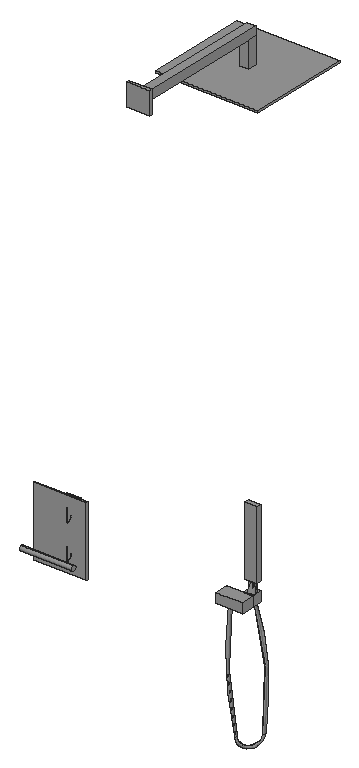
Revit family "PGR_Noken_ShwrFitngsPckge_Square", category Plumbing Fixtures, host Wall, Revit 2017
Family settings
  Host = Wall
  Round Connector Dimension = Use Diameter
  Part Type = Normal
  OmniClass Number = 23.45.05.14.17
  OmniClass Title = Showers
  Always vertical = Yes
  Cut with Voids When Loaded = No
  Shared = Yes
  Room Calculation Point = No
Parameters (values of type "Square-100106968")
  WarrantyStartDate [instance] = "1900-31-12T23:59:59"
  WarrantyGuarantorParts = "bim.gp@porcelanosagrupo.com"
  WarrantyGuarantorLabor = "n/a"
  WarrantyDurationUnit = "year"
  WarrantyDurationParts = "n/a"
  WarrantyDurationLabor = "n/a"
  WarrantyDescription = "See ProductInformation for technical PDF"
  Version = "1"
  ValveType = "Thermostatic"
  ValveProductinformation = "http://calidad.info-grupo.com:8081/GeneraFicha3/PDF?articulo=100063403&lang=EN&un=0"
  ValveOutletConnectionSize = "1/2\" G"
  ValveNumberOfConnections = 4
  ValveNominalWidth = 150.00 mm
  ValveNominalLength = 200.00 mm
  ValveNominalDepth = "62-75"
  ValveNettWeight = 4.3
  ValveInletConnectionSize = "3/4\" G"
  ValveFlowRate = "Flow rate bath 26 l/min. at 3 bar and flow rate shower 13 l/min.at 3 bar"
  ValveDescription = "Concealed thermostatic 2 ways 1/2\"-3/4\" with wax thermostatic element. Diverter valve with integrated shut off 1/2\". Built in non-return valve. Safety stop at 38ºC. Flow rate bath 26 l/min. at 3 bar and flow rate shower 13 l/min.at 3 bar. 5 years warranty for superficial finishes and 2 years for the rest of components."
  Uniclass2015Version = "V1_8"
  Uniclass2015Title = "Shower fittings package"
  Uniclass2015Code = "Pr_40_20_87_75"
  URL = "www.noken.com"
  TechnicalDrawing = "See ProductInformation for technical PDF"
  TagNumber [instance] = "n/a"
  SustainabilityPerformance = "See ProductInformation for technical PDF"
  Status = "UNSET"
  Size = "n/a"
  ShowerType = "UNSET"
  ShowerHeadProductInformation = "http://calidad.info-grupo.com:8081/GeneraFicha3/PDF?articulo=100090329&lang=EN&un=0"
  ShowerHeadNumberOfConnections = 1
  ShowerHeadNominalLength = 295.00 mm
  ShowerHeadNettWeight = 2.5
  ShowerHeadInletConnectionSize = "1/2\" G"
  ShowerHeadFlowRate = "Without flow regulator"
  ShowerHeadDescription = "Neptune slim - Square 30 cm rain shower head, with ball jointr. Material brass, finish chrome plated, dimension 295x295 mm, nominal height 56 mm, net product weight 2,5 kg. Normative EN 1112"
  ShowerArmProductInformation = "http://calidad.info-grupo.com:8081/GeneraFicha3/PDF?articulo=100090332&lang=EN&un=0"
  ShowerArmOutletConnectionSize = "1/2\" G"
  ShowerArmNumberOfConnections = 2
  ShowerArmNominalLength = 400.00 mm
  ShowerArmNominalHeight = 65.00 mm
  ShowerArmNettWeight = 0.5
  ShowerArmInletConnectionSize = "1/2\" G"
  ShowerArmDescription = "Square 40 cm shower head arm, wall connection. Material brass, finish chrome plated, dimension 400 mm, nominal height 65 mm, net product weight 0,5 kg. Normative EN 1112"
  Shape = "n/a"
  SerialNumber [instance] = "n/a"
  SeparationHandShower [instance] = 300.00 mm
  SeparationControl [instance] = 300.00 mm
  SAPValve = 100063404
  SAPShowerHead = 100090329
  SAPShowerArm = 100090332
  SAPHandShower = 100038634
  SAPFlexihose = 100137893
  SAPBracket = 100038631
  Revision = "n/a"
  ReplacementCost = "n/a"
  Reference = "-"
  ProductInformation = "See any constituent's ProductInformation parameter for its own technical PDF"
  NominalWidth = 0.00 mm
  NominalLength = 0.00 mm
  NominalHeight = 0.00 mm
  NominalDepth = 0.00 mm
  Name = "ShowerFittingsPackage_Square_Chrome-100106968"
  MaterialMetal = PGR_Noken_Brass_Chrome
  HeightShower [instance] = 2100.00 mm
  HeightHandShower [instance] = 1000.00 mm
  HeightControl [instance] = 1100.00 mm
  DrainSize = 0 mm
  DiameterSA = 12.70 mm
  DiameterHW = DiameterCW  # 12.7 mm
  DiameterHS = 12.70 mm
  DiameterCW = 12.7 mm
  ConnectorGap2 [instance] = if(ConnectorGap < 44.00 mm, 44.00 mm, if(ConnectorGap > 57.00 mm, 57.00 mm, ConnectorGap))  # 44.00 mm
  ConnectorGap [instance] = 0.00 mm
  NBSReference = "45-35-70/330"
  NBSDescription = "Shower fittings package"
  ModelReference = "Square shower package"
  ModelNumber = "100106968"
  Model = "100106968"
  MaterialThickness = 0.00 mm
  Material = "Brass"
  ManufacturerURL = "www.noken.com"
  Manufacturer = "bim.gp@porcelanosagrupo.com"
  InstallationDate [instance] = "1900-31-12T23:59:59"
  IfcExportType = "Shower"
  IfcExportAs = "IfcSanitaryTerminalType"
  HasTray = no
  HandShowerProductInformation = "http://calidad.info-grupo.com:8081/GeneraFicha3/PDF?articulo=100038634&lang=EN&un=0"
  HandShowerNominalLength = 207.00 mm
  HandShowerNettWeight = 0.3
  HandShowerInletConnectionSize = "1/2\" G"
  HandShowerFlowRate = "11 l./min.@3 bar"
  HandShowerDescription = "Single function handshower. Material brass, finish chrome plated, dimension 207 mm, net product weight 0,3 kg. Normative UNE EN 1112"
  Grade = "n/a"
  Type Image = 100106968.jpg
  FlexiHoseProductInformation = "http://calidad.info-grupo.com:8081/GeneraFicha3/PDF?articulo=100137893&lang=EN&un=0"
  FlexiHoseOutletConnectionSize = "1/2\" G"
  FlexiHoseNumberOfConnections = 2
  FlexiHoseNominalLength = 1750.00 mm
  FlexiHoseNettWeight = 0.3
  FlexiHoseInletConnectionSize = "1/2\" G"
  FlexiHoseDescription = "175 cm Flexi shower hose twist free. Material brass, finish chrome plated, dimension nominal 175 cm, net product weight 0,3 kg. Normative UNE EN 1113"
  Finish = "Chrome"
  Features = "See ProductInformation for technical PDF"
  ExpectedLife = "n/a"
  DurationUnit = "year"
  Description = "Square shower package"
  CreationDate = "2018/01"
  Constituents = "ShowerArm, ShowerHead, Valve, HandShower, Brackett and Flexihose"
  Color = "Chrome"
  Collection = "Square"
  CodePerformance = "EN 1112, EN 248, EN 1111, EN 1113"
  Category = "Pr_40_20_87_75: Shower fittings package"
  CWFU = 1
  BracketProductInformation = "http://calidad.info-grupo.com:8081/GeneraFicha3/PDF?articulo=100038631&lang=EN&un=0"
  BracketOutletConnectionSize = "1/2\" G"
  BracketNumberOfConnections = 2
  BracketNominalWidth = 59.00 mm
  BracketNominalLength = 101.00 mm
  BracketNominalHeight = 29.00 mm
  BracketNettWeight = 0.6
  BracketInletConnectionSize = "1/2\" G"
  BracketDescription = "Cota Wall bracket with outlet elbow. Material brass, finish chrome plated, dimension nominal 101 mm, nominal height29 mm, nominal width 58 mm, net product weight 0,5 kg. Normative UNE EN 1112"
  BarCode [instance] = "n/a"
  BIMObjectName = "PGR_Noken_ShowerFittingsPackage_Square_Chrome-100106968"
  Author = "Porcelanosa Grupo"
  AssetType = "Fixed"
  AssetIdentifier [instance] = "n/a"
  AccessibilityPerformance = "See ProductInformation for technical PDF"
Reference planes
  plane 1 "Wall": y = 0
  plane 2: z = 0
  plane 3 "Back": y = 75
  plane 4 "Center (Left/Right)": x = 297.71
  plane 5: z = 2100
  plane 6: z = 1000
  plane 7: z = 1100
  plane 8 "Left": x = -2.29
  plane 9 "Right": x = 597.71
  plane 10: y = 31
  plane 11: z = 950
  plane 12: z = 2107
  plane 13: z = 2227
  plane 14 "Top": z = 2207
  plane 15: z = 2182
  plane 16: z = 2162
  plane 17: x = 445.21
  plane 18: x = 150.21
  plane 19: x = 310.21
  plane 20: x = 285.21
  plane 21: x = 265.21
  plane 22: x = 330.21
  plane 23: y = 82
  plane 24: y = 482
  plane 25: y = 457
  plane 26 "Front": y = 616.214
  plane 27: y = 322
  plane 28: x = 147.71
  plane 29 "Bottom": z = 900
  plane 30: x = 52.71
  plane 31: z = 1070
  plane 32: z = 1030
  plane 33: z = 970
  plane 34: z = 930
  plane 35: z = 950
  plane 36: y = 122.631
  plane 37: y = 137.631
  plane 38: y = 142.712
  plane 39: y = 114.847
  plane 40: x = 521.242
  plane 41: x = 569.092
  plane 42: x = 601.158
  plane 43: x = 566.158
  plane 44: x = 521.242
  plane 45: x = 601.158
  plane 46: x = 566.158
  plane 47: z = 1227.484
  plane 48: z = 1029.484
  plane 49: z = 972
  plane 50: z = 972
  plane 51: z = 1029.484
  plane 52: z = 1227.484
Forms (mm)
  Extrusion 1, solid, material "PGR_Noken_Brass_Chrome" <- "MaterialMetal"
    sketch origin (-1647.096, 75, -417.853) x (-1, 0, 0) y (0, 0, 1)
      loop
        line (-1794.805, 1517.853) -> (-1794.805, 1317.853) -> (-1644.805, 1317.853) -> (-1644.805, 1517.853) -> (-1794.805, 1517.853)
    from 0 to 4.847
  Extrusion 2, solid, material "PGR_Noken_Brass_Chrome" <- "MaterialMetal"
    sketch origin (-1654.331, 75, -417.853) x (-1, 0, 0) y (0, 0, 1)
      loop
        circle (-1727.419, 1467.632) r 30
      loop
        circle (-1727.419, 1367.841) r 30
    from 1.486 to 7.496
  Extrusion 3, solid, material "PGR_Noken_Brass_Chrome" <- "MaterialMetal"
    sketch origin (-1654.331, 75, -417.853) x (-1, 0, 0) y (0, 0, 1)
      loop
        circle (-1726.927, 1467.853) r 23.657
      loop
        circle (-1726.927, 1367.448) r 23.657
    from 4.429 to 10.496
  Extrusion 4, solid, material "PGR_Noken_Brass_Chrome" <- "MaterialMetal"
    sketch origin (-1654.331, 75, -417.853) x (-1, 0, 0) y (0, 0, 1)
      loop
        line (-1707.041, 1487.853) -> (-1747.041, 1487.853) -> (-1747.041, 1447.853) -> (-1707.041, 1447.853) -> (-1707.041, 1487.853)
      loop
        line (-1747.041, 1387.853) -> (-1747.041, 1347.853) -> (-1707.041, 1347.853) -> (-1707.041, 1387.853) -> (-1747.041, 1387.853)
    from 11.258 to 51.258
  Extrusion 5, solid, material "PGR_Noken_Brass_Chrome" <- "MaterialMetal"
    sketch origin (92.71, 75, 970) x (-1, 0, 0) y (0, -1, 0)
      loop
        circle (20.285, -41.4) r 4.251
    from -1.512 to 7.488
  Extrusion 6, solid, material "PGR_Noken_Brass_Chrome" <- "MaterialMetal"
    sketch origin (-1654.331, 75, -417.853) x (-1, 0, 0) y (0, 0, 1)
      loop
        line (-1707.041, 1487.853) -> (-1747.041, 1487.853) -> (-1747.041, 1447.853) -> (-1707.041, 1447.853) -> (-1707.041, 1487.853)
      loop
        line (-1747.041, 1387.853) -> (-1747.041, 1347.853) -> (-1707.041, 1347.853) -> (-1707.041, 1387.853) -> (-1747.041, 1387.853)
    from 1.486 to 51.258
  Extrusion 7, solid, material "PGR_Noken_Brass_Chrome" <- "MaterialMetal"
    sketch origin (559.742, 98.547, 1296.326) x (-1, 0, 0) y (0, -1, 0)
      loop
        line (-37.968, 23.547) -> (-37.968, -16.3) -> (38.5, -16.3) -> (38.5, 23.547) -> (-37.968, 23.547)
    from -324.326 to -296.326
  Extrusion 8, solid, material "PGR_Noken_Brass_Chrome" <- "MaterialMetal"
    sketch origin (559.742, 98.547, 1296.326) x (-1, 0, 0) y (0, -1, 0)
      loop
        line (-9.35, -44.632) -> (-9.35, -16.3) -> (-37.968, -16.3) -> (-37.968, -44.632) -> (-31.499, -44.632) -> (-31.499, -40.069)
        arc (-31.499, -40.069) -> (-23.692, -20.468) -> (-15.885, -40.069) r 11.355
        line (-15.885, -40.069) -> (-15.885, -44.632) -> (-9.35, -44.632)
    from -324.326 to -296.326
  Blend 9, solid, material "PGR_Noken_Brass_Chrome" <- "MaterialMetal"
    base sketch origin (557.937, 93.878, 1296.592) x (-1, 0, 0) y (0, -1, 0)
      loop
        circle (-25.652, -35.13) r 10
    top sketch origin (557.937, 93.878, 1296.592) x (-1, 0, 0) y (0, -1, 0)
      loop
        circle (-25.652, -35.13) r 6.16
    from -296.592 to -267.108
  Extrusion 10, solid, material "PGR_Noken_Brass_Chrome" <- "MaterialMetal"
    sketch origin (557.937, 93.878, 1296.592) x (-1, 0, 0) y (0, -1, 0)
      loop
        line (-8.22, -43.753) -> (-8.22, -28.753) -> (-43.22, -28.753) -> (-43.22, -43.753) -> (-8.22, -43.753)
    from -267.108 to -69.108
  Extrusion 11, solid, material "PGR_Noken_Brass_Chrome" <- "MaterialMetal"
    sketch origin (559.742, 98.547, 500) x (-1, 0, 0) y (0, -1, 0)
      loop
        line (-37.968, -16.3) -> (-37.968, -44.632) -> (-9.35, -44.632) -> (-9.35, -16.3) -> (-37.968, -16.3)
    from 472 to 500
  Extrusion 12, solid, material "PGR_Noken_Brass_Chrome" <- "MaterialMetal"
    sketch origin (559.742, 98.547, 1000) x (-1, 0, 0) y (0, -1, 0)
      loop
        line (-28.843, -24.085) -> (-28.843, -39.085) -> (-17.98, -39.085) -> (-17.98, -24.085) -> (-28.843, -24.085)
    from 0 to 29.484
  Extrusion 13, solid, material "PGR_Noken_Brass_Chrome" <- "MaterialMetal"
    sketch origin (559.742, 98.547, 1296.326) x (-1, 0, 0) y (0, -1, 0)
      loop
        line (-37.968, 23.547) -> (-37.968, -16.3) -> (38.5, -16.3) -> (38.5, 23.547) -> (-37.968, 23.547)
    from -324.326 to -296.326
  Extrusion 14, solid, material "PGR_Noken_Brass_Chrome" <- "MaterialMetal"
    sketch origin (557.937, 93.878, 1000) x (0, -1, 0) y (-1, 0, 0)
      loop
        circle (-35.13, -25.652) r 10
    from 0 to 28
  Sweep 15, solid, material "PGR_Noken_Brass_Chrome" <- "MaterialMetal"
    path origin (532.312, 82.005, 1207.09) x (0.642788, 0.766044, 0) y (0, 0, -1)
      loop
        arc (19.944, 234.787) -> (14.225, 407.553) -> (32.456, 579.449) r 1246.786
        arc (32.456, 579.449) -> (64.956, 611.949) -> (97.456, 579.449) r 32.5
        arc (97.456, 579.449) -> (102.728, 406.117) -> (75.943, 234.787) r 936.281
    profile origin (598.344, 160.699, 800.972) x (0.641539, 0.764556, 0.062298) y (-0.766044, 0.642788, 0)
      loop
        circle (0, -0.551) r 2.956
  Extrusion 16, solid, material "PGR_Noken_Brass_Chrome" <- "MaterialMetal"
    sketch origin (-1684.235, 75, -120) x (-1, 0, 0) y (0, 0, 1)
      loop
        line (-2280.893, 1336.337) -> (-2280.893, 1274.337) -> (-2254.893, 1274.337) -> (-2254.893, 1336.337) -> (-2280.893, 1336.337)
      loop
        line (-2278.583, 1275.867) -> (-2257.203, 1275.867) -> (-2257.203, 1334.807) -> (-2278.583, 1334.807) -> (-2278.583, 1275.867)
    from 62.631 to 64.028
  Extrusion 17, solid, material "PGR_Noken_Brass_Chrome" <- "MaterialMetal"
    sketch origin (-2.29, 0, 10) x (0, 0, -1) y (0, 1, 0)
      loop
        circle (-940, 31) r 6.35
    from 0 to 150
  Extrusion 18, solid, material "PGR_Noken_Brass_Chrome" <- "MaterialMetal"
    sketch origin (0, 50, 0) x (1, 0, 0) y (0, 0, 1)
      loop
        line (330.21, 2227) -> (265.21, 2227) -> (265.21, 2162) -> (330.21, 2162) -> (330.21, 2227)
    from -25 to -32
  Extrusion 19, solid, material "PGR_Noken_Brass_Chrome" <- "MaterialMetal"
    sketch origin (0, 0, 0) x (0, 1, 0) y (1, 0, 0)
      loop
        line (482, 285.21) -> (482, 310.21) -> (82, 310.21) -> (82, 285.21) -> (482, 285.21)
    from -2207 to -2182
  Extrusion 20, solid, material "PGR_Noken_Brass_Chrome" <- "MaterialMetal"
    sketch origin (0, 0, 0) x (0, 1, 0) y (1, 0, 0)
      loop
        line (482, 285.21) -> (482, 310.21) -> (457, 310.21) -> (457, 285.21) -> (482, 285.21)
    from -2182 to -2107
  Extrusion 21, solid, material "PGR_Noken_Brass_Chrome" <- "MaterialMetal"
    sketch origin (0, 0, 0) x (0, 1, 0) y (1, 0, 0)
      loop
        line (616.214, 150.21) -> (616.214, 445.21) -> (322, 445.21) -> (322, 150.21) -> (616.214, 150.21)
    from -2107 to -2100
  Sweep 22, solid, material "PGR_Noken_Brass_Chrome" <- "MaterialMetal", not visible
    path origin (532.312, 82.005, 1207.09) x (0.642788, 0.766044, 0) y (0, 0, -1)
      loop
        arc (19.944, 234.787) -> (14.225, 407.553) -> (32.456, 579.449) r 1246.786
        arc (32.456, 579.449) -> (64.956, 611.949) -> (97.456, 579.449) r 32.5
        arc (97.456, 579.449) -> (102.728, 406.117) -> (75.943, 234.787) r 936.281
    profile origin (598.344, 160.699, 800.972) x (0.641539, 0.764556, 0.062298) y (-0.766044, 0.642788, 0)
      loop
        circle (0, -0.551) r 2.956
  Extrusion 23, solid, material "PGR_Noken_Brass_Chrome" <- "MaterialMetal", not visible
    sketch origin (-1647.096, 75, -417.853) x (-1, 0, 0) y (0, 0, 1)
      loop
        line (-1794.805, 1517.853) -> (-1794.805, 1317.853) -> (-1644.805, 1317.853) -> (-1644.805, 1517.853) -> (-1794.805, 1517.853)
    from 0 to 4.847
  Extrusion 24, solid, material "PGR_Noken_Brass_Chrome" <- "MaterialMetal", not visible
    sketch origin (-1654.331, 75, -417.853) x (-1, 0, 0) y (0, 0, 1)
      loop
        circle (-1727.419, 1467.632) r 30
      loop
        circle (-1727.419, 1367.841) r 30
    from 1.486 to 7.496
  Extrusion 25, solid, material "PGR_Noken_Brass_Chrome" <- "MaterialMetal", not visible
    sketch origin (-1654.331, 75, -417.853) x (-1, 0, 0) y (0, 0, 1)
      loop
        circle (-1726.927, 1467.853) r 23.657
      loop
        circle (-1726.927, 1367.448) r 23.657
    from 4.429 to 10.496
  Extrusion 26, solid, material "PGR_Noken_Brass_Chrome" <- "MaterialMetal", not visible
    sketch origin (-1654.331, 75, -417.853) x (-1, 0, 0) y (0, 0, 1)
      loop
        line (-1707.041, 1487.853) -> (-1747.041, 1487.853) -> (-1747.041, 1447.853) -> (-1707.041, 1447.853) -> (-1707.041, 1487.853)
      loop
        line (-1747.041, 1387.853) -> (-1747.041, 1347.853) -> (-1707.041, 1347.853) -> (-1707.041, 1387.853) -> (-1747.041, 1387.853)
    from 11.258 to 51.258
  Extrusion 27, solid, material "PGR_Noken_Brass_Chrome" <- "MaterialMetal", not visible
    sketch origin (92.71, 75, 970) x (-1, 0, 0) y (0, -1, 0)
      loop
        circle (20.285, -41.4) r 4.251
    from -1.512 to 7.488
  Extrusion 28, solid, material "PGR_Noken_Brass_Chrome" <- "MaterialMetal", not visible
    sketch origin (-1654.331, 75, -417.853) x (-1, 0, 0) y (0, 0, 1)
      loop
        line (-1707.041, 1487.853) -> (-1747.041, 1487.853) -> (-1747.041, 1447.853) -> (-1707.041, 1447.853) -> (-1707.041, 1487.853)
      loop
        line (-1747.041, 1387.853) -> (-1747.041, 1347.853) -> (-1707.041, 1347.853) -> (-1707.041, 1387.853) -> (-1747.041, 1387.853)
    from 1.486 to 51.258
  Extrusion 29, solid, material "PGR_Noken_Brass_Chrome" <- "MaterialMetal", not visible
    sketch origin (-2.29, 0, 10) x (0, 0, -1) y (0, 1, 0)
      loop
        circle (-940, 31) r 6.35
    from 0 to 150
Lines and regions (mm)
  Masking region 1
    outline origin (-1647.096, 75, -100) x (-1, 0, 0) y (0, 0, 1)
      loop
        line (-1794.805, 1200) -> (-1794.805, 1000) -> (-1644.805, 1000) -> (-1644.805, 1200) -> (-1794.805, 1200)
  Masking region 2
    outline origin (-1614.545, 50, -200) x (-1, 0, 0) y (0, 0, 1)
      loop
        line (-2212.255, 1172) -> (-2135.787, 1172) -> (-2135.787, 1200) -> (-2188.134, 1200) -> (-2191.974, 1229.484) -> (-2180.703, 1229.484) -> (-2180.703, 1427.484) -> (-2215.703, 1427.484) -> (-2215.703, 1229.484) -> (-2204.295, 1229.484) -> (-2209.335, 1200) -> (-2212.255, 1200) -> (-2212.255, 1172)
  Masking region 3
    outline origin (407.4, 0, -200) x (0, 0, -1) y (0, 1, 0)
      loop
        line (-1200, 122.631) -> (-1200, 75) -> (-1172, 75) -> (-1172, 84.632) -> (-1029.242, 79.647) -> (-827.376, 94.205)
        arc (-827.376, 94.205) -> (-801.22, 120.361) -> (-827.376, 146.517) r 26.156
        line (-827.376, 146.517) -> (-942.518, 148.527) -> (-1172, 131.977) -> (-1172, 143.179) -> (-1200, 143.179) -> (-1200, 137.631) -> (-1427.484, 137.631) -> (-1427.484, 122.631) -> (-1200, 122.631)
      loop
        line (-1172, 110.57) -> (-1172, 91.9) -> (-1027.376, 86.849) -> (-830, 101.084)
        arc (-830, 101.084) -> (-811.214, 119.87) -> (-830, 138.656) r 18.786
        line (-830, 138.656) -> (-945.919, 140.679) -> (-1172, 124.375) -> (-1172, 110.57)
  Masking region 4
    outline origin (-1614.545, 50, -200) x (-1, 0, 0) y (0, 0, 1)
      loop
        line (-2190.93, 1172) -> (-2199.33, 1172) -> (-2219.351, 1024.482) -> (-2215.173, 827.969)
        arc (-2215.173, 827.969) -> (-2190.708, 803.504) -> (-2166.243, 827.969) r 24.465
        line (-2166.243, 827.969) -> (-2151.594, 1037.457) -> (-2156.292, 1172) -> (-2164.49, 1172) -> (-2159.778, 1037.082) -> (-2174.531, 826.11)
        arc (-2174.531, 826.11) -> (-2191.985, 812.154) -> (-2207.192, 828.529) r 16.42
        line (-2207.192, 828.529) -> (-2211.302, 1021.89) -> (-2190.93, 1172)
  Masking region 5
    outline origin (0, 0, 0) x (0, 1, 0) y (-1, 0, 0)
      loop
        line (616.214, -150.21) -> (322, -150.21) -> (322, -285.21) -> (82, -285.21) -> (82, -265.21) -> (75, -265.21) -> (75, -330.21) -> (82, -330.21) -> (82, -310.21) -> (322, -310.21) -> (322, -445.21) -> (616.214, -445.21) -> (616.214, -150.21)
  Masking region 6
    outline origin (297.71, 0, 0) x (0, 0, -1) y (0, 1, 0)
      loop
        line (-2107, 482) -> (-2207, 482) -> (-2207, 82) -> (-2227, 82) -> (-2227, 75) -> (-2162, 75) -> (-2162, 82) -> (-2182, 82) -> (-2182, 457) -> (-2107, 457) -> (-2107, 322) -> (-2100, 322) -> (-2100, 616.214) -> (-2107, 616.214) -> (-2107, 482)
  Masking region 7
    outline origin (0, 75, 0) x (1, 0, 0) y (0, 0, 1)
      loop
        line (310.21, 2107) -> (310.21, 2162) -> (330.21, 2162) -> (330.21, 2227) -> (265.21, 2227) -> (265.21, 2162) -> (285.21, 2162) -> (285.21, 2107) -> (150.21, 2107) -> (150.21, 2100) -> (445.21, 2100) -> (445.21, 2107) -> (310.21, 2107)
  Masking region 8
    outline origin (0, 0, 0) x (0, 1, 0) y (-1, 0, 0)
      loop
        line (75, -597.71) -> (122.631, -597.71) -> (122.631, -601.158) -> (137.631, -601.158) -> (137.631, -597.71) -> (142.712, -597.71) -> (142.712, -569.092) -> (137.631, -569.092) -> (137.631, -566.158) -> (122.631, -566.158) -> (122.631, -569.092) -> (114.847, -569.092) -> (114.847, -521.242) -> (75, -521.242) -> (75, -597.71)
  Masking region 9
    outline origin (0, 0, 0) x (0, 1, 0) y (-1, 0, 0)
      loop
        line (82, 2.29) -> (75, 2.29) -> (75, -147.71) -> (82, -147.71) -> (82, -92.71) -> (126.258, -92.71) -> (126.258, -52.71) -> (82, -52.71) -> (82, 2.29)
  symbolic lines, detail levels fine
    curve 1: line (285.21, 82, 0) -> (310.21, 82, 0)
    curve 5: line (596.658, 50, 1216.337) -> (570.658, 50, 1216.337)
    curve 6: line (596.658, 50, 1154.337) -> (596.658, 50, 1216.337)
    curve 7: line (570.658, 50, 1154.337) -> (596.658, 50, 1154.337)
    curve 8: line (570.658, 50, 1216.337) -> (570.658, 50, 1154.337)
    curve 33: line (48.939, 82, 0) -> (96.112, 82, 0)
  symbolic lines, detail levels medium+fine
    curve 2: line (591.241, 50, 1000) -> (591.241, 50, 972)
    curve 3: line (575.627, 50, 1000) -> (575.627, 50, 972)
    curve 4: line (594.789, 50, 1000) -> (569.092, 50, 1000)
    curve 9: line (569.092, 50, 1000) -> (569.092, 50, 972)
    curve 10: line (594.789, 50, 1000) -> (575.627, 50, 1000)
    curve 16: circle (72.614, 116.4, 0) r 4.182 normal (0, 0, -1)
  model lines, style "InvisibleLines"
    curve 11: line (569.065, 148.962, 0) -> (568.265, 148.962, 0)
  symbolic lines
    curve 12: line (285.21, 322, 0) -> (285.21, 482, 0)
    curve 13: line (285.21, 482, 0) -> (310.21, 482, 0)
    curve 14: line (310.21, 482, 0) -> (310.21, 322, 0)
    curve 17: line (297.71, 82, 2182) -> (297.71, 82, 2207)
    curve 18: line (297.71, 482, 2107) -> (297.71, 457, 2107)
    curve 19: line (310.21, 75, 2162) -> (310.21, 75, 2207)
    curve 20: line (310.21, 75, 2207) -> (285.21, 75, 2207)
    curve 21: line (285.21, 75, 2207) -> (285.21, 75, 2162)
    curve 22: line (310.21, 75, 2107) -> (285.21, 75, 2107)
    curve 23: line (92.71, 75, 1070) -> (52.71, 75, 1070)
    curve 24: line (92.71, 75, 1030) -> (92.71, 75, 1070)
    curve 25: line (52.71, 75, 1030) -> (92.71, 75, 1030)
    curve 26: line (52.71, 75, 1070) -> (52.71, 75, 1030)
    curve 27: line (92.71, 75, 970) -> (52.71, 75, 970)
    curve 28: line (92.71, 75, 930) -> (92.71, 75, 970)
    curve 29: line (52.71, 75, 930) -> (92.71, 75, 930)
    curve 30: line (52.71, 75, 970) -> (52.71, 75, 930)
    curve 31: line (569.092, 122.631, 0) -> (597.71, 122.631, 0)
    curve 32: line (569.092, 137.631, 0) -> (597.71, 137.631, 0)
    curve 35: line (297.71, 137.631, 1000) -> (297.71, 122.631, 1000)
    curve 36: line (297.71, 131.977, 972) -> (297.71, 124.375, 972)
    curve 37: line (297.71, 91.9, 972) -> (297.71, 84.632, 972)
  symbolic lines, detail levels coarse+medium
    curve 15: line (285.21, 82, 0) -> (310.21, 82, 0)
    curve 34: line (52.71, 82, 0) -> (92.71, 82, 0)
Text (mm)
  text "Interior" at (0, 1019.848, 3124.603), in view "Derecha"
  text "Interior" at (0, 1206.291, 3571.227), in view "Izquierda"
Dimensions and locks
  "HeightShower": level to plane 5
  "HeightHandShower": level to plane 6
  "HeightControl": level to plane 7
  "SeparationControl": plane 4 "Center (Left/Right)" to plane 8 "Left"
  "SeparationHandShower": plane 9 "Right" to plane 4 "Center (Left/Right)"
  locked: Extrusion 13 to Extrusion 11 at 68.179
  locked: Extrusion 10 to Extrusion 10 at 15
  locked: plane 7 to plane 11 at 150
  locked: plane 5 to plane 12 at 7
  locked: plane 12 to plane 14 "Top" at 100
  locked: plane 15 to plane 14 "Top" at 25
  locked: plane 14 "Top" to plane 13 at 20
  locked: plane 16 to plane 15 at 20
  locked: plane 17 to plane 18 at 295
  plane 17 to plane 4 "Center (Left/Right)" to plane 18 = 147.50 mm, 147.50 mm
  equal spacing: plane 20, plane 4 "Center (Left/Right)", plane 19
  plane 20 to plane 19 = 25.00 mm
  plane 22 to plane 21 = 65.00 mm
  equal spacing: plane 22, plane 4 "Center (Left/Right)", plane 21
  locked: plane 23 to plane 3 "Back" at 7
  locked: plane 27 to plane 3 "Back" at 247
  locked: plane 26 "Front" to plane 27 at 294.214
  locked: plane 24 to plane 25 at 25
  locked: plane 24 to plane 3 "Back" at 407
  locked: plane 29 "Bottom" to plane 7 at 200
  locked: plane 8 "Left" to plane 28 at 150
  locked: plane 8 "Left" to plane 30 at 55
  locked: plane 31 to plane 7 at 30
  locked: plane 32 to plane 31 at 40
  locked: plane 33 to plane 32 at 60
  locked: plane 34 to plane 33 at 40
  locked: plane 35 to plane 34 at 20
  "ConnectorGap2": plane 10 to plane 3 "Back"
  locked: plane 3 "Back" to plane 36 at 47.631
  locked: plane 3 "Back" to plane 37 at 62.631
  locked: plane 39 to plane 3 "Back" at 39.847
  locked: plane 38 to plane 3 "Back" at 67.712
  locked: plane 40 to plane 9 "Right" at 76.468
  locked: plane 43 to plane 9 "Right" at 31.552
  locked: plane 41 to plane 9 "Right" at 28.618
  locked: plane 9 "Right" to plane 42 at 3.448
  locked: plane 6 to plane 47 at 227.484
  locked: plane 6 to plane 48 at 29.484
  locked: plane 49 to plane 6 at 28
  locked: plane 9 "Right" to plane 45 at 3.448
  locked: plane 9 "Right" to plane 46 at 31.552
  locked: plane 9 "Right" to plane 44 at 76.468
  locked: curve 5 to Masking region 2 at 11.147
  locked: curve 7 to Masking region 2 at 73.147
  locked: plane 9 "Right" to curve 6 at 1.052
  locked: plane 9 "Right" to curve 8 at 27.052
  locked: Masking region 4 sketch curve to Masking region 2 at 147.518
  locked: Masking region 4 sketch curve to Masking region 2 at 344.031  (x2)
  locked: Masking region 4 sketch curve to Masking region 2 at 134.543
  plane 50 to plane 6 = 28.00 mm
  locked: plane 6 to plane 51 at 29.484
  locked: plane 6 to plane 52 at 227.484
  locked: plane 9 "Right" to Sweep 15 at 14.318
  locked: Extrusion 1 to plane 3 "Back" at 4.847
  plane 8 "Left" to plane 30 = 55.00 mm
  plane 30 to plane 28 = 95.00 mm
  Extrusion 6 to plane 18 = 97.50 mm
  Extrusion 6 to plane 18 = 57.50 mm
  "DiameterCW": diameter of Extrusion 17 sketch curve
  "DiameterCW": diameter of Extrusion 29 sketch curve
  aligned and locked: plane 3 "Back" to host wall
  aligned and locked: Extrusion 7 to Extrusion 8
  aligned and locked: Blend 9 to Extrusion 10
  aligned and locked: Masking region 2 to Extrusion 13
  aligned and locked: Extrusion 12 to Extrusion 10
  aligned and locked: Blend 9 to Extrusion 13
  aligned and locked: Extrusion 11 to Extrusion 13  (x2)
  aligned and locked: Masking region 3 sketch curve to Extrusion 13
  aligned and locked: Masking region 3 sketch curve to Extrusion 11  (x2)
  aligned and locked: Extrusion 13 to Masking region 3 sketch curve
  aligned and locked: Extrusion 10 to Masking region 3 sketch curve
  aligned and locked: Masking region 3 sketch curve to Extrusion 10
  aligned and locked: Masking region 4 sketch curve to curve 2
  aligned and locked: Extrusion 13 to plane 6
  aligned and locked: plane 9 "Right" to Extrusion 11
  aligned and locked: Extrusion 16 sketch curve to curve 5
  aligned and locked: Extrusion 16 sketch curve to curve 6
  aligned and locked: Extrusion 16 sketch curve to curve 7
  aligned and locked: Extrusion 16 sketch curve to curve 8
  aligned and locked: Extrusion 16 to Extrusion 10
  aligned and locked: Extrusion 1 to Extrusion 17  (x2)
  aligned and locked: Masking region 5 sketch curve to Extrusion 21  (x3)
  aligned and locked: Extrusion 21 to Masking region 5 sketch curve
  aligned and locked: Extrusion 19 to Masking region 5 sketch curve  (x2)
  aligned and locked: plane 23 to Masking region 5 sketch curve  (x2)
  aligned and locked: plane 3 "Back" to Masking region 5 sketch curve
  aligned and locked: plane 22 to Masking region 5 sketch curve
  aligned and locked: Masking region 5 sketch curve to plane 21
  aligned and locked: Extrusion 21 to Masking region 6 sketch curve
  aligned and locked: Masking region 6 sketch curve to Extrusion 21
  aligned and locked: plane 26 "Front" to Masking region 6 sketch curve
  aligned and locked: Masking region 6 sketch curve to plane 27
  aligned and locked: plane 12 to Masking region 6 sketch curve
  aligned and locked: Masking region 6 sketch curve to Extrusion 20  (x2)
  aligned and locked: Extrusion 19 to Masking region 6 sketch curve  (x2)
  aligned and locked: plane 3 "Back" to Masking region 6 sketch curve
  aligned and locked: plane 23 to Masking region 6 sketch curve  (x2)
  aligned and locked: Masking region 6 sketch curve to plane 16
  aligned and locked: plane 13 to Masking region 6 sketch curve
  aligned and locked: Extrusion 21 to Masking region 7 sketch curve
  aligned and locked: Masking region 7 sketch curve to Extrusion 21  (x3)
  aligned and locked: plane 12 to Masking region 7 sketch curve
  aligned and locked: Masking region 7 sketch curve to Extrusion 20
  aligned and locked: Extrusion 20 to Masking region 7 sketch curve
  aligned and locked: Masking region 7 sketch curve to plane 16  (x2)
  aligned and locked: Masking region 7 sketch curve to plane 21
  aligned and locked: Masking region 7 sketch curve to plane 22
  aligned and locked: plane 13 to Masking region 7 sketch curve
  aligned and locked: curve 21 to Extrusion 19
  aligned and locked: Extrusion 21 to plane 5
  aligned and locked: plane 12 to Extrusion 21
  aligned and locked: plane 15 to Extrusion 20
  aligned and locked: Extrusion 20 to plane 12
  aligned and locked: Extrusion 19 to plane 15
  aligned and locked: plane 14 "Top" to Extrusion 19
  aligned and locked: plane 13 to Extrusion 18
  aligned and locked: Extrusion 18 to plane 16
  aligned and locked: plane 3 "Back" to Extrusion 18
  aligned and locked: plane 23 to Extrusion 18
  aligned and locked: Extrusion 1 to plane 29 "Bottom"
  aligned and locked: Extrusion 1 to plane 28
  aligned and locked: curve 23 to Extrusion 4
  aligned and locked: curve 24 to Extrusion 4
  aligned and locked: curve 25 to Extrusion 4
  aligned and locked: curve 26 to Extrusion 4
  aligned and locked: curve 27 to Extrusion 4
  aligned and locked: curve 28 to Extrusion 4
  aligned and locked: curve 29 to Extrusion 4
  aligned and locked: curve 30 to Extrusion 4
  aligned and locked: plane 2 to level
  aligned and locked: Extrusion 10 to plane 36
  aligned and locked: plane 37 to Extrusion 10
  aligned and locked: plane 3 "Back" to Masking region 8 sketch curve
  aligned and locked: plane 36 to Masking region 8 sketch curve
  aligned and locked: plane 37 to Masking region 8 sketch curve
  aligned and locked: Masking region 8 sketch curve to plane 40
  aligned and locked: Masking region 8 sketch curve to plane 39
  aligned and locked: plane 41 to Masking region 8 sketch curve
  aligned and locked: plane 43 to Masking region 8 sketch curve
  aligned and locked: plane 38 to Masking region 8 sketch curve
  aligned and locked: plane 9 "Right" to Masking region 8 sketch curve
  aligned and locked: plane 42 to Masking region 8 sketch curve
  aligned and locked: curve 31 to plane 36
  aligned and locked: curve 32 to plane 37
  aligned and locked: curve 34 to plane 23
  aligned and locked: plane 37 to Sweep 15
  aligned and locked: plane 6 to curve 35
  aligned and locked: curve 36 to Masking region 3
  aligned and locked: Extrusion 13 to curve 37
  aligned and locked: plane 9 "Right" to Masking region 2 sketch curve
  aligned and locked: Masking region 2 sketch curve to plane 45
  aligned and locked: plane 47 to Masking region 2 sketch curve
  aligned and locked: plane 46 to Masking region 2 sketch curve
  aligned and locked: Masking region 2 sketch curve to plane 48
  aligned and locked: Masking region 2 sketch curve to plane 6  (x2)
  aligned and locked: plane 44 to Masking region 2 sketch curve
  aligned and locked: Masking region 2 sketch curve to plane 49
  aligned and locked: plane 6 to curve 2
  aligned and locked: plane 6 to curve 10
  aligned and locked: plane 6 to curve 9
  aligned and locked: Masking region 2 to curve 2
  aligned and locked: Masking region 2 to curve 3
  aligned and locked: Masking region 2 to curve 9
  aligned and locked: Masking region 4 sketch curve to Masking region 2
  aligned and locked: Masking region 1 sketch curve to plane 28
  aligned and locked: Masking region 1 sketch curve to plane 8 "Left"
  aligned and locked: Masking region 1 sketch curve to plane 7
  aligned and locked: Masking region 1 sketch curve to plane 29 "Bottom"
  aligned and locked: plane 50 to Extrusion 11
  aligned and locked: plane 52 to Extrusion 10
  aligned and locked: Extrusion 10 to plane 51
  aligned and locked: plane 51 to Extrusion 12
  aligned and locked: Extrusion 14 to plane 6
  aligned and locked: plane 50 to Extrusion 8
  aligned and locked: Extrusion 8 to plane 6
  aligned and locked: Extrusion 7 to plane 6
  aligned and locked: plane 50 to Extrusion 7
  aligned and locked: plane 50 to Sweep 15
  aligned and locked: plane 8 "Left" to Masking region 9 sketch curve
  aligned and locked: plane 28 to Masking region 9 sketch curve
  aligned and locked: plane 30 to Masking region 9 sketch curve
  aligned and locked: Masking region 9 sketch curve to Extrusion 6  (x2)
  aligned and locked: plane 23 to Masking region 9 sketch curve
  aligned and locked: plane 3 "Back" to Masking region 9 sketch curve
Automatic sketch dimensions
  Extrusion 1 sketch curve to Extrusion 1 sketch curve = 150.00 mm
  Extrusion 1 sketch curve to Extrusion 1 sketch curve = 200.00 mm
  Extrusion 2 sketch curve to Extrusion 2 sketch curve = 0.00 mm
  Extrusion 2 sketch curve to Extrusion 2 sketch curve = 99.791 mm
  Extrusion 3 sketch curve to Extrusion 3 sketch curve = 0.00 mm  (x5)
  Extrusion 3 sketch curve to Extrusion 3 sketch curve = 100.405 mm
  Extrusion 3 sketch curve to Extrusion 3 sketch curve = 23.657 mm  (x2)
  Extrusion 4 sketch curve to Extrusion 4 sketch curve = 40.00 mm  (x4)
  Extrusion 4 sketch curve to Extrusion 4 sketch curve = 0.00 mm
  Extrusion 4 sketch curve to Extrusion 4 sketch curve = 60.00 mm
  Extrusion 5 sketch curve to Extrusion 4 = 19.715 mm
  Extrusion 4 to Extrusion 5 sketch curve = 9.858 mm
  Extrusion 6 sketch curve to Extrusion 6 sketch curve = 0.00 mm
  Extrusion 6 sketch curve to Extrusion 6 sketch curve = 40.00 mm  (x4)
  Extrusion 6 sketch curve to Extrusion 6 sketch curve = 60.00 mm
  Extrusion 7 sketch curve to Extrusion 7 sketch curve = 76.468 mm
  Extrusion 8 sketch curve to Extrusion 8 sketch curve = 6.469 mm
  Extrusion 8 sketch curve to Extrusion 8 sketch curve = 7.807 mm  (x2)
  Extrusion 8 sketch curve to Extrusion 8 sketch curve = 6.535 mm
  Extrusion 8 sketch curve to Extrusion 8 sketch curve = 0.00 mm
  Extrusion 8 sketch curve to Extrusion 8 sketch curve = 4.564 mm
  Extrusion 8 sketch curve to Extrusion 8 sketch curve = 8.246 mm
  Extrusion 8 sketch curve to Extrusion 8 sketch curve = 15.523 mm
  Extrusion 10 sketch curve to Extrusion 10 sketch curve = 35.00 mm
  Extrusion 10 sketch curve to Extrusion 10 sketch curve = 15.00 mm
  Extrusion 11 sketch curve to Extrusion 7 = 0.00 mm
  Extrusion 7 to Extrusion 11 sketch curve = 0.00 mm
  Extrusion 11 sketch curve to Extrusion 11 sketch curve = 28.618 mm
  Extrusion 7 to Extrusion 11 sketch curve = 28.332 mm
  Extrusion 12 sketch curve to Extrusion 7 = 9.125 mm
  Extrusion 12 sketch curve to Extrusion 12 sketch curve = 10.863 mm
  Extrusion 7 to Extrusion 12 sketch curve = 22.785 mm
  Extrusion 7 to Extrusion 12 sketch curve = 7.785 mm
  Extrusion 13 sketch curve to Extrusion 13 sketch curve = 76.468 mm
  Masking region 2 sketch curve to Masking region 2 sketch curve = 2.92 mm
  Masking region 2 sketch curve to Masking region 2 sketch curve = 11.408 mm
  Masking region 2 sketch curve to Masking region 2 sketch curve = 21.20 mm
  Masking region 2 sketch curve to Masking region 2 sketch curve = 11.271 mm
  Masking region 2 sketch curve to Masking region 2 sketch curve = 0.00 mm
  Sweep 15 sketch curve to profile plane = 0.00 mm
  Sweep 15 sketch curve to profile plane = 0.551 mm
  Sweep 15 sketch curve to Sweep 15 sketch curve = 896.691 mm
  Sweep 15 sketch curve to Sweep 15 sketch curve = 102.126 mm
  Sweep 15 sketch curve to Sweep 15 sketch curve = 115.003 mm
  Sweep 15 sketch curve to Sweep 15 sketch curve = 45.012 mm
  Sweep 15 sketch curve to Sweep 15 sketch curve = 32.50 mm
  Sweep 15 sketch curve to Sweep 15 sketch curve = 55.999 mm
  Sweep 15 sketch curve to Sweep 15 sketch curve = 0.00 mm
  curve 11 to curve 11 = 0.742 mm
  curve 11 to curve 11 = 0.30 mm
  Masking region 3 sketch curve to Masking region 3 sketch curve = 28.00 mm
  Masking region 3 sketch curve to Masking region 3 sketch curve = 0.00 mm  (x2)
  Masking region 3 sketch curve to Masking region 3 sketch curve = 142.758 mm
  Masking region 3 sketch curve to Masking region 3 sketch curve = 1.865 mm
  Masking region 3 sketch curve to Masking region 3 sketch curve = 81.457 mm
  Masking region 3 sketch curve to Masking region 3 sketch curve = 3.401 mm
  Masking region 3 sketch curve to Masking region 3 sketch curve = 112.518 mm
  Masking region 3 sketch curve to Masking region 3 sketch curve = 2.624 mm
  Masking region 3 sketch curve to Masking region 3 sketch curve = 9.632 mm
  Masking region 3 sketch curve to Masking region 3 sketch curve = 7.267 mm
  Masking region 3 sketch curve to Masking region 3 sketch curve = 18.671 mm
  Masking region 3 sketch curve to Masking region 3 sketch curve = 0.491 mm
  Masking region 3 sketch curve to Masking region 3 sketch curve = 13.804 mm
  Masking region 3 sketch curve to Masking region 3 sketch curve = 7.602 mm
  Masking region 4 sketch curve to Masking region 4 sketch curve = 7.981 mm
  Masking region 4 sketch curve to Masking region 4 sketch curve = 20.021 mm
  Masking region 4 sketch curve to Masking region 4 sketch curve = 8.40 mm
  Masking region 4 sketch curve to Masking region 4 sketch curve = 16.42 mm
  Masking region 4 sketch curve to Masking region 4 sketch curve = 0.064 mm
  Masking region 4 sketch curve to Masking region 4 sketch curve = 8.288 mm
  Masking region 4 sketch curve to Masking region 4 sketch curve = 26.44 mm
  Masking region 4 sketch curve to Masking region 4 sketch curve = 59.572 mm
  Masking region 4 sketch curve to Masking region 4 sketch curve = 8.197 mm
  Masking region 4 sketch curve to Masking region 4 sketch curve = 8.184 mm
  Masking region 4 sketch curve to Masking region 4 sketch curve = 0.375 mm
  Masking region 4 sketch curve to Masking region 4 sketch curve = 1.859 mm
  Masking region 4 sketch curve to Masking region 4 sketch curve = 8.048 mm
  Masking region 4 sketch curve to Masking region 4 sketch curve = 2.592 mm
  Extrusion 7 sketch curve to Extrusion 7 sketch curve = 39.847 mm
  Extrusion 13 sketch curve to Extrusion 13 sketch curve = 39.847 mm
  curve 6 to curve 6 = 62.00 mm
  curve 5 to curve 5 = 26.00 mm
  curve 7 to curve 9 = 182.343 mm
  curve 9 to curve 7 = 154.345 mm
  curve 9 to curve 9 = 28.00 mm
  curve 10 to curve 9 = 25.698 mm  (x2)
  curve 10 to curve 9 = 6.535 mm
  curve 3 to curve 9 = 6.535 mm
  curve 4 to curve 10 = 0.00 mm
  curve 4 to curve 2 = 3.548 mm  (x2)
  curve 2 to curve 3 = 15.614 mm  (x2)
  Masking region 4 sketch curve to Masking region 4 sketch curve = 3.87 mm
  Masking region 3 sketch curve to Masking region 3 sketch curve = 4.647 mm
  Masking region 3 sketch curve to Masking region 3 sketch curve = 7.202 mm
  Masking region 3 sketch curve to Masking region 3 sketch curve = 7.356 mm
  Masking region 3 sketch curve to Masking region 3 sketch curve = 6.879 mm
  Masking region 3 sketch curve to Masking region 3 sketch curve = 18.786 mm
  Masking region 3 sketch curve to Masking region 3 sketch curve = 53.83 mm
  Masking region 3 sketch curve to Masking region 3 sketch curve = 7.848 mm
  Extrusion 16 sketch curve to Extrusion 16 sketch curve = 2.31 mm  (x2)
  Extrusion 16 sketch curve to Extrusion 16 sketch curve = 1.53 mm  (x2)
  Extrusion 18 sketch curve to Extrusion 18 sketch curve = 65.00 mm  (x2)
  Extrusion 19 sketch curve to Extrusion 19 sketch curve = 400.00 mm
  Extrusion 19 sketch curve to Extrusion 19 sketch curve = 25.00 mm
  Extrusion 20 sketch curve to Extrusion 20 sketch curve = 25.00 mm  (x2)
  Extrusion 21 sketch curve to Extrusion 21 sketch curve = 294.214 mm
  Extrusion 21 sketch curve to Extrusion 21 sketch curve = 295.00 mm
  Masking region 5 sketch curve to plane 27 = 0.00 mm
  Extrusion 18 sketch curve to plane 13 = 0.00 mm
  Extrusion 18 sketch curve to plane 21 = 0.00 mm
  Extrusion 19 sketch curve to plane 20 = 0.00 mm
  Extrusion 19 sketch curve to plane 23 = 0.00 mm
  Extrusion 20 sketch curve to plane 20 = 0.00 mm
  Extrusion 20 sketch curve to plane 25 = 0.00 mm
  Extrusion 21 sketch curve to plane 18 = 0.00 mm
  Extrusion 21 sketch curve to plane 27 = 0.00 mm
  curve 22 to plane 12 = 0.00 mm
  curve 22 to plane 20 = 0.00 mm
  curve 20 to plane 14 "Top" = 0.00 mm
  curve 20 to plane 19 = 0.00 mm
  plane 19 to curve 22 = 0.00 mm
  curve 21 to plane 16 = 0.00 mm
  curve 19 to plane 16 = 0.00 mm
  Extrusion 7 sketch curve to plane 9 "Right" = 0.00 mm
  Extrusion 7 sketch curve to host wall = 0.00 mm
  Extrusion 8 sketch curve to plane 9 "Right" = 0.00 mm
  plane 37 to Extrusion 8 sketch curve = 5.548 mm
  plane 36 to Blend 9 sketch curve = 6.376 mm  (x2)
  Blend 9 sketch curve to plane 9 "Right" = 14.12 mm  (x2)
  Extrusion 10 sketch curve to plane 37 = 0.00 mm
  plane 9 "Right" to Extrusion 10 sketch curve = 3.448 mm
  Extrusion 13 sketch curve to plane 9 "Right" = 0.00 mm
  Extrusion 13 sketch curve to host wall = 0.00 mm
  plane 9 "Right" to Masking region 4 sketch curve = 7.096 mm
  curve 4 to plane 9 "Right" = 2.92 mm
  curve 10 to curve 4 = 0.00 mm
  curve 3 to curve 4 = 6.535 mm
  plane 7 to Masking region 3 sketch curve = 127.484 mm
  plane 36 to Masking region 8 sketch curve = 0.00 mm
  Masking region 8 sketch curve to plane 41 = 0.00 mm
  Masking region 8 sketch curve to plane 9 "Right" = 0.00 mm
  Masking region 8 sketch curve to plane 37 = 0.00 mm
  curve 33 to plane 23 = 0.00 mm
  curve 1 to plane 19 = 0.00 mm
  curve 1 to plane 23 = 0.00 mm
  curve 14 to plane 19 = 0.00 mm
  curve 14 to plane 27 = 0.00 mm
  curve 12 to plane 20 = 0.00 mm
  curve 12 to plane 27 = 0.00 mm
  curve 12 to plane 24 = 0.00 mm
  curve 31 to plane 9 "Right" = 0.00 mm
  curve 32 to plane 9 "Right" = 0.00 mm
  curve 1 to plane 20 = 0.00 mm
  curve 34 to plane 30 = 0.00 mm
  curve 16 to plane 36 = 6.232 mm
  curve 16 to plane 30 = 19.904 mm
  curve 31 to curve 31 = 28.618 mm
  curve 32 to curve 31 = 0.00 mm
  curve 33 to curve 34 = 3.403 mm
  plane 30 to curve 33 = 3.77 mm
  curve 17 to plane 14 "Top" = 0.00 mm
  curve 17 to plane 15 = 0.00 mm
  curve 18 to plane 12 = 0.00 mm
  curve 17 to plane 23 = 0.00 mm
  curve 35 to plane 36 = 0.00 mm
  curve 35 to plane 37 = 0.00 mm
  curve 18 to plane 25 = 0.00 mm
  curve 18 to plane 24 = 0.00 mm
  plane 23 to curve 37 = 2.632 mm
  curve 37 to curve 37 = 7.267 mm
  plane 36 to curve 36 = 1.743 mm
  curve 36 to plane 37 = 5.654 mm
  Masking region 9 sketch curve to plane 23 = 0.00 mm
  curve 33 to curve 16 = 23.499 mm
  plane 37 to curve 11 = 11.331 mm
  curve 11 to plane 9 "Right" = 29.445 mm
  curve 11 to curve 11 = 0.80 mm
  Sweep 22 sketch curve to profile plane = 0.00 mm
  Sweep 22 sketch curve to profile plane = 0.551 mm
  Sweep 22 sketch curve to Sweep 22 sketch curve = 896.691 mm
  Sweep 22 sketch curve to Sweep 22 sketch curve = 102.126 mm
  Sweep 22 sketch curve to Sweep 22 sketch curve = 115.003 mm
  Sweep 22 sketch curve to Sweep 22 sketch curve = 45.012 mm
  Sweep 22 sketch curve to Sweep 22 sketch curve = 32.50 mm
  Sweep 22 sketch curve to Sweep 22 sketch curve = 55.999 mm
  Sweep 22 sketch curve to Sweep 22 sketch curve = 0.00 mm
  Extrusion 23 sketch curve to Extrusion 23 sketch curve = 150.00 mm
  Extrusion 23 sketch curve to Extrusion 23 sketch curve = 200.00 mm
  Extrusion 24 sketch curve to Extrusion 24 sketch curve = 0.00 mm
  Extrusion 24 sketch curve to Extrusion 24 sketch curve = 99.791 mm
  Extrusion 25 sketch curve to Extrusion 25 sketch curve = 0.00 mm  (x5)
  Extrusion 25 sketch curve to Extrusion 25 sketch curve = 100.405 mm
  Extrusion 25 sketch curve to Extrusion 25 sketch curve = 23.657 mm  (x2)
  Extrusion 26 sketch curve to Extrusion 26 sketch curve = 40.00 mm  (x4)
  Extrusion 26 sketch curve to Extrusion 26 sketch curve = 0.00 mm
  Extrusion 26 sketch curve to Extrusion 26 sketch curve = 60.00 mm
  Extrusion 27 sketch curve to Extrusion 26 = 19.715 mm
  Extrusion 26 to Extrusion 27 sketch curve = 9.858 mm
  Extrusion 28 sketch curve to Extrusion 28 sketch curve = 0.00 mm
  Extrusion 28 sketch curve to Extrusion 28 sketch curve = 40.00 mm  (x4)
  Extrusion 28 sketch curve to Extrusion 28 sketch curve = 60.00 mm
  radius of Extrusion 2 sketch curve = 30.00 mm  (x2)
  radius of Extrusion 5 sketch curve = 4.251 mm
  radius of Blend 9 sketch curve = 10.00 mm
  radius of Blend 9 sketch curve = 6.16 mm
  radius of Extrusion 14 sketch curve to Blend 9 = 0.00 mm
  radius of Sweep 15 sketch curve = 2.956 mm
  radius of curve 16 = 4.182 mm
  radius of Sweep 22 sketch curve = 2.956 mm
  radius of Extrusion 24 sketch curve = 30.00 mm  (x2)
  radius of Extrusion 27 sketch curve = 4.251 mm
Connectors
  piping at (-2.29, 31, 950), diameter 12.7, driven by "DiameterCW"
    settings: on Extrusion 17, index 2, connector inside diameter 609.6 mm, connector length 0.00 mm, flow factor 0, pipe flow 0.0 L/s, pressure drop 0.0 Pa, fitting loss kfactor 0, connector angle 0.00°, fixture units 0, engagement length 0.00 mm, angle of deflection 0.00°, flow configuration 0, flow direction 1, fitting loss method 0, system type 20, joint type 0, gender type 0, connector reference index -1, connector utility 0, adjustable connector no, is connector primary yes, connector description ""
  piping at (147.71, 31, 950), diameter 12.7, driven by "DiameterHW"
    settings: on Extrusion 17, index 3, connector inside diameter 609.6 mm, connector length 0.00 mm, flow factor 0, pipe flow 0.0 L/s, pressure drop 0.0 Pa, fitting loss kfactor 0, connector angle 0.00°, fixture units 0, engagement length 0.00 mm, angle of deflection 0.00°, flow configuration 0, flow direction 1, fitting loss method 0, system type 19, joint type 0, gender type 0, connector reference index -1, connector utility 0, adjustable connector no, is connector primary no, connector description ""
  piping at (559.476, 75, 986), diameter 12.7, driven by "DiameterHS"
    settings: on Extrusion 7, index 4, connector inside diameter 609.6 mm, connector length 0.00 mm, flow factor 0, pipe flow 0.0 L/s, pressure drop 0.0 Pa, fitting loss kfactor 0, connector angle 0.00°, fixture units 0, engagement length 0.00 mm, angle of deflection 0.00°, flow configuration 0, flow direction 1, fitting loss method 0, system type 22, joint type 0, gender type 0, connector reference index -1, connector utility 0, adjustable connector no, is connector primary no, connector description ""
  piping at (297.71, 75, 2194.5), diameter 12.7, driven by "DiameterHS"
    settings: on Extrusion 18, index 5, connector inside diameter 609.6 mm, connector length 0.00 mm, flow factor 0, pipe flow 0.0 L/s, pressure drop 0.0 Pa, fitting loss kfactor 0, connector angle 0.00°, fixture units 0, engagement length 0.00 mm, angle of deflection 0.00°, flow configuration 0, flow direction 1, fitting loss method 0, system type 22, joint type 0, gender type 0, connector reference index -1, connector utility 0, adjustable connector no, is connector primary no, connector description ""
